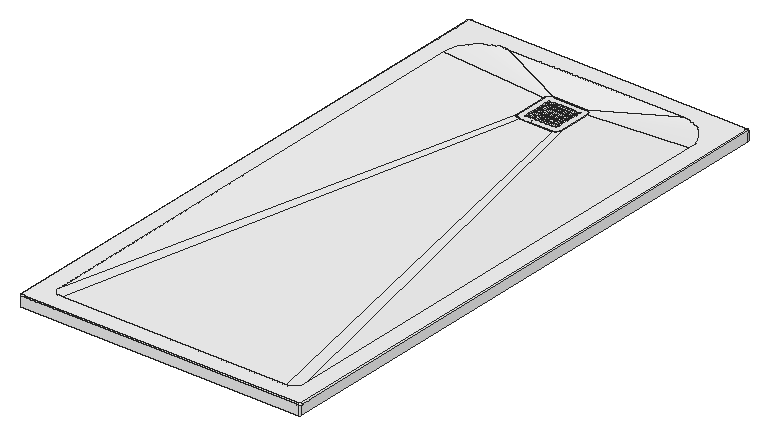
Revit family "IS_UltraFlatS_K8276_BIM_DE", category Plumbing Fixtures, host Face, Revit 2016
Family settings
  Host = Face
  Part Type = Normal
  Round Connector Dimension = Use Diameter
  OmniClass Number = 23.45.05.14.21.11
  OmniClass Title = Bath/Shower Units
  Cut with Voids When Loaded = No
  Shared = No
  Room Calculation Point = No
Parameters (values of type "K8276FR - ULTRAFLAT S PD 160X80 BIANCO")
  WarrantyStartDate = "n/a"
  WarrantyGuarantorParts = "n/a"
  WarrantyGuarantorLabor = "n/a"
  WarrantyDurationUnit = "n/a"
  WarrantyDurationParts = "n/a"
  WarrantyDurationLabor = "n/a"
  WarrantyDescription = "n/a"
  WFU = 0
  VolumeUnits = "Litres"
  Version = "1"
  Uniclass2015Version = "Products v1.1"
  Uniclass2015Title = "Shower trays"
  Uniclass2015Code = "Pr_40_20_06_84"
  URL = "www.idealstandard.de"
  Type Comments = "n/a"
  TagNumber = "n/a"
  SustainabilityPerformance = "n/a"
  Space = "Internal"
  Size = "800 x 1600 x 30 mm"
  Shape = "Rectangular"
  SerialNumber = "n/a"
  ReplacementCost = "n/a"
  ProductInformation = "www.idealstandard.de"
  PredefinedType = "n/a"
  Phone = "+49228 5210"
  NominalWidth = 800 mm
  NominalLength = 1600 mm
  NominalHeight = 30 mm
  NominalDepth = 0 mm
  Name = "ISI_IdealStandard_Showers_Ultra Flat S_K8276FR"
  ModelReference = "IS Rechteck-Brausewanne ULTRA FLAT S, 1600x800x30mm, Carraraweiß"
  ModelNumber = "K8276FR"
  Model = "K8276FR"
  Material = "Sanitary Brass"
  ManufacturerURL = "www.idealstandard.de"
  Manufacturer = "idealstandard.de@idealstandard.com"
  MainMaterial = IS_RenderMaterial_White
  LinearUnits = "millimeters"
  Keynote = ""
  InstallationInstructions = "www.idealstandard.de\\produkte"
  InstallationDate = "1900-12-31T23:59:59"
  Help = "idealstandard.de@idealstandard.com"
  HWFU = 0
  GrossWeight = "46,1 kg"
  Grade = "n/a"
  Finish = "Pure White"
  Features = "ULTRA FLAT S rectangular shower tray 1600x800mm"
  ExpectedLife = "25"
  DurationUnit = "year"
  DistributedBy = "n/a"
  Description = "Ultraflat S Pd 160 x 80 Bianco"
  Default Elevation = 0 mm
  CurrencyUnit = "€"
  CreatedOn = "42774"
  Cost = 0
  Constituents = "n/a"
  ConnectionType = "Plumbing"
  Color = "Pure White"
  CodePerformance = "0"
  CWFU = 0
  Brand = "Ideal Standard"
  BarCode = "4015413067737"
  BIMObjectName = "ISI_IdealStandard_Showers_Ultra Flat S_K8276FR"
  Author = "Ideal Standard"
  AssetType = "Fixed"
  AssetIdentifier = "n/a"
  Assembly Code = "C1030200"
  AreaUnits = "millimeters"
  AreaMeasurement = "n/a"
  Accessories = "www.idealstandard.de\\ersatzteile"
  AccessibilityPerformance = "n/a"
Types (5, lengths in mm): name | Name | ModelReference | ModelNumber | Model | MainMaterial | Finish | Description | Color | BarCode | BIMObjectName
  K8276FR - ULTRAFLAT S PD 160X80 BIANCO | "ISI_IdealStandard_Showers_Ultra Flat S_K8276FR" | "IS Rechteck-Brausewanne ULTRA FLAT S, 1600x800x30mm, Carraraweiß" | "K8276FR" | "K8276FR" | IS_RenderMaterial_White | "Pure White" | "Ultraflat S Pd 160 x 80 Bianco" | "Pure White" | "4015413067737" | "ISI_IdealStandard_Showers_Ultra Flat S_K8276FR"
  K8276FV - ULTRAFLAT S PD 160X80 NERO | "ISI_IdealStandard_Showers_Ultra Flat S_K8276FV" | "IS Rechteck-Brausewanne ULTRA FLAT S, 1600x800x30mm, Schiefer" | "K8276FV" | "K8276FV" | IS_RenderMaterial_Black | "Jet Black" | "Ultraflat S Pd 160 x 80 Nero" | "Jet Black" | "4015413071833" | "ISI_IdealStandard_Showers_Ultra Flat S_K8276FV"
  K8276FT - ULTRAFLAT S PD 160X80 SABBIA | "ISI_IdealStandard_Showers_Ultra Flat S_K8276FT" | "IS Rechteck-Brausewanne ULTRA FLAT S, 1600x800x30mm, Sandstein" | "K8276FT" | "K8276FT" | IS_RenderMaterial_Sand | "Beach Sand" | "Ultraflat S Pd 160 x 80 Sabbia" | "Beach Sand" | "4015413071116" | "ISI_IdealStandard_Showers_Ultra Flat S_K8276FT"
  K8276FS - ULTRAFLAT S PD 160X80 GRIGIO CEMENTO | "ISI_IdealStandard_Showers_Ultra Flat S_K8276FS" | "IS Rechteck-Brausewanne ULTRA FLAT S, 1600x800x30mm, Quarzgrau" | "K8276FS" | "K8276FS" | IS_RenderMaterial_Grey | "Concrete Grey" | "Ultraflat S Pd 160 x 80 Grigio Cemento" | "Concrete Grey" | "4015413070713" | "ISI_IdealStandard_Showers_Ultra Flat S_K8276FS"
  K8276FU - ULTRAFLAT S PD 160X80 MOKA | "ISI_IdealStandard_Showers_Ultra Flat S_K8276FU" | "IS Rechteck-Brausewanne ULTRA FLAT S, 1600x800x30mm, Lavabraun" | "K8276FU" | "K8276FU" | IS_RenderMaterial_Moka | "Deep Moka" | "Ultraflat S Pd 160 x 80 Moka" | "Deep Moka" | "4015413071512" | "ISI_IdealStandard_Showers_Ultra Flat S_K8276FU"
Reference planes
  plane 1 "Center (Front/Back)": y = 0
  plane 2: z = 0
  plane 3 "Center (Left/Right)": x = 0
  plane 4: x = -400
  plane 5: x = 400
  plane 6: y = -1600
  plane 7: y = -1550
  plane 8: z = 30
Forms (mm)
  Extrusion 1, solid, material "IS_RenderMaterial_White" <- "MainMaterial"
    sketch origin (0, 0, 0) x (1, 0, 0) y (0, 1, 0)
      loop
        arc (-395, 0) -> (-398.536, -1.464) -> (-400, -5) r 5
        line (-400, -5) -> (-400, -1595)
        arc (-400, -1595) -> (-398.536, -1598.536) -> (-395, -1600) r 5
        line (-395, -1600) -> (395, -1600)
        arc (395, -1600) -> (398.536, -1598.536) -> (400, -1595) r 5
        line (400, -1595) -> (400, -5)
        arc (400, -5) -> (398.536, -1.464) -> (395, 0) r 5
        line (395, 0) -> (-395, 0)
    from 0 to 30
  Blend 2, void
    base sketch origin (0, 39.744, 30) x (-1, 0, 0) y (0, -1, 0)
      loop
        arc (250, 89.744) -> (320.711, 119.033) -> (350, 189.744) r 100
        line (350, 189.744) -> (350, 1559.744)
        arc (350, 1559.744) -> (341.213, 1580.957) -> (320, 1589.744) r 30
        line (320, 1589.744) -> (-320, 1589.744)
        arc (-320, 1589.744) -> (-341.213, 1580.957) -> (-350, 1559.744) r 30
        line (-350, 1559.744) -> (-350, 189.744)
        arc (-350, 189.744) -> (-320.711, 119.033) -> (-250, 89.744) r 100
        line (-250, 89.744) -> (250, 89.744)
    top sketch origin (0, 39.744, 30) x (-1, 0, 0) y (0, -1, 0)
      loop
        arc (47.5, 177.244) -> (58.107, 181.637) -> (62.5, 192.244) r 15
        line (62.5, 192.244) -> (62.5, 287.244)
        arc (62.5, 287.244) -> (58.107, 297.85) -> (47.5, 302.244) r 15
        line (47.5, 302.244) -> (-47.5, 302.244)
        arc (-47.5, 302.244) -> (-58.107, 297.85) -> (-62.5, 287.244) r 15
        line (-62.5, 287.244) -> (-62.5, 192.244)
        arc (-62.5, 192.244) -> (-58.107, 181.637) -> (-47.5, 177.244) r 15
        line (-47.5, 177.244) -> (47.5, 177.244)
    from 0 to -15
  Revolve 3, void
    sketch origin (-65.411, -200, 1219.2) x (-1, 0, 0) y (0, 0, 1)
      loop
        line (-65.411, -1219.2) -> (-20.411, -1219.2) -> (-20.411, -1214.2) -> (-13.411, -1207.2) -> (-65.411, -1207.2) -> (-65.411, -1219.2)
      axis (-65.411, -1219.2) -> (-65.411, -1207.2)
    angle from 0 to 360
  Extrusion 4, void
    sketch origin (0, -134.515, 12) x (-1, 0, 0) y (0, 1, 0)
      loop
        arc (-47.5, -2.985) -> (-58.107, -7.379) -> (-62.5, -17.985) r 15
        line (-62.5, -17.985) -> (-62.5, -112.985)
        arc (-62.5, -112.985) -> (-58.107, -123.592) -> (-47.5, -127.985) r 15
        line (-47.5, -127.985) -> (47.5, -127.985)
        arc (47.5, -127.985) -> (58.107, -123.592) -> (62.5, -112.985) r 15
        line (62.5, -112.985) -> (62.5, -17.985)
        arc (62.5, -17.985) -> (58.107, -7.379) -> (47.5, -2.985) r 15
        line (47.5, -2.985) -> (-47.5, -2.985)
    from 0 to -3
  Extrusion 5, solid, material "Chrome - Polished"
    sketch origin (0, -134.515, 12) x (0, 1, 0) y (-1, 0, 0)
      loop
        arc (-4.985, 46.539) -> (-9.074, 56.411) -> (-18.946, 60.5) r 13.961
        line (-18.946, 60.5) -> (-111.985, 60.5)
        arc (-111.985, 60.5) -> (-121.885, 56.399) -> (-125.985, 46.5) r 14
        line (-125.985, 46.5) -> (-125.985, -46.5)
        arc (-125.985, -46.5) -> (-121.885, -56.399) -> (-111.985, -60.5) r 14
        line (-111.985, -60.5) -> (-18.985, -60.5)
        arc (-18.985, -60.5) -> (-9.086, -56.399) -> (-4.985, -46.5) r 14
        line (-4.985, -46.5) -> (-4.985, 46.539)
      loop
        line (-64.007, 45) -> (-64.007, 32) -> (-52.007, 32) -> (-52.007, 45) -> (-64.007, 45)
      loop
        line (-49.007, 45) -> (-49.007, 32) -> (-37.007, 32) -> (-37.007, 45) -> (-49.007, 45)
      loop
        line (-34.007, 45) -> (-34.007, 32) -> (-22.007, 32) -> (-22.007, 45) -> (-34.007, 45)
      loop
        line (-34.007, 29) -> (-34.007, 16) -> (-22.007, 16) -> (-22.007, 29) -> (-34.007, 29)
      loop
        line (-34.007, 13) -> (-34.007, 1.526) -> (-22.007, 1.526) -> (-22.007, 13) -> (-34.007, 13)
      loop
        line (-37.007, 29) -> (-49.007, 29) -> (-49.007, 16) -> (-37.007, 16) -> (-37.007, 29)
      loop
        line (-37.007, 13) -> (-49.007, 13) -> (-49.007, 1.526) -> (-37.007, 1.526) -> (-37.007, 13)
      loop
        line (-52.007, 29) -> (-64.007, 29) -> (-64.007, 16) -> (-52.007, 16) -> (-52.007, 29)
      loop
        line (-52.007, 13) -> (-64.007, 13) -> (-64.007, 1.526) -> (-52.007, 1.526) -> (-52.007, 13)
      loop
        line (-64.007, -45) -> (-52.007, -45) -> (-52.007, -32) -> (-64.007, -32) -> (-64.007, -45)
      loop
        line (-49.007, -45) -> (-37.007, -45) -> (-37.007, -32) -> (-49.007, -32) -> (-49.007, -45)
      loop
        line (-34.007, -45) -> (-22.007, -45) -> (-22.007, -32) -> (-34.007, -32) -> (-34.007, -45)
      loop
        line (-34.007, -29) -> (-22.007, -29) -> (-22.007, -16) -> (-34.007, -16) -> (-34.007, -29)
      loop
        line (-34.007, -13) -> (-22.007, -13) -> (-22.007, -1.526) -> (-34.007, -1.526) -> (-34.007, -13)
      loop
        line (-37.007, -29) -> (-37.007, -16) -> (-49.007, -16) -> (-49.007, -29) -> (-37.007, -29)
      loop
        line (-37.007, -13) -> (-37.007, -1.526) -> (-49.007, -1.526) -> (-49.007, -13) -> (-37.007, -13)
      loop
        line (-52.007, -29) -> (-52.007, -16) -> (-64.007, -16) -> (-64.007, -29) -> (-52.007, -29)
      loop
        line (-52.007, -13) -> (-52.007, -1.526) -> (-64.007, -1.526) -> (-64.007, -13) -> (-52.007, -13)
      loop
        line (-66.963, 45) -> (-78.963, 45) -> (-78.963, 32) -> (-66.963, 32) -> (-66.963, 45)
      loop
        line (-81.963, 45) -> (-93.963, 45) -> (-93.963, 32) -> (-81.963, 32) -> (-81.963, 45)
      loop
        line (-96.963, 45) -> (-108.963, 45) -> (-108.963, 32) -> (-96.963, 32) -> (-96.963, 45)
      loop
        line (-96.963, 29) -> (-108.963, 29) -> (-108.963, 16) -> (-96.963, 16) -> (-96.963, 29)
      loop
        line (-96.963, 13) -> (-108.963, 13) -> (-108.963, 1.526) -> (-96.963, 1.526) -> (-96.963, 13)
      loop
        line (-93.963, 29) -> (-93.963, 16) -> (-81.963, 16) -> (-81.963, 29) -> (-93.963, 29)
      loop
        line (-93.963, 13) -> (-93.963, 1.526) -> (-81.963, 1.526) -> (-81.963, 13) -> (-93.963, 13)
      loop
        line (-78.963, 29) -> (-78.963, 16) -> (-66.963, 16) -> (-66.963, 29) -> (-78.963, 29)
      loop
        line (-78.963, 13) -> (-78.963, 1.526) -> (-66.963, 1.526) -> (-66.963, 13) -> (-78.963, 13)
      loop
        line (-66.963, -45) -> (-66.963, -32) -> (-78.963, -32) -> (-78.963, -45) -> (-66.963, -45)
      loop
        line (-81.963, -45) -> (-81.963, -32) -> (-93.963, -32) -> (-93.963, -45) -> (-81.963, -45)
      loop
        line (-96.963, -45) -> (-96.963, -32) -> (-108.963, -32) -> (-108.963, -45) -> (-96.963, -45)
      loop
        line (-96.963, -29) -> (-96.963, -16) -> (-108.963, -16) -> (-108.963, -29) -> (-96.963, -29)
      loop
        line (-96.963, -13) -> (-96.963, -1.526) -> (-108.963, -1.526) -> (-108.963, -13) -> (-96.963, -13)
      loop
        line (-93.963, -29) -> (-81.963, -29) -> (-81.963, -16) -> (-93.963, -16) -> (-93.963, -29)
      loop
        line (-93.963, -13) -> (-81.963, -13) -> (-81.963, -1.526) -> (-93.963, -1.526) -> (-93.963, -13)
      loop
        line (-78.963, -29) -> (-66.963, -29) -> (-66.963, -16) -> (-78.963, -16) -> (-78.963, -29)
      loop
        line (-78.963, -13) -> (-66.963, -13) -> (-66.963, -1.526) -> (-78.963, -1.526) -> (-78.963, -13)
    from 0 to 3
  Sweep 6, void
    path in 3D
      loop
        arc (395, -1600, 30) -> (398.536, -1598.536, 30) -> (400, -1595, 30) r 5
        line (400, -1595, 30) -> (400, -5, 30)
        arc (400, -5, 30) -> (398.536, -1.464, 30) -> (395, 0, 30) r 5
        line (395, 0, 30) -> (-395, 0, 30)
        arc (-395, 0, 30) -> (-398.536, -1.464, 30) -> (-400, -5, 30) r 5
        line (-400, -5, 30) -> (-400, -1595, 30)
        arc (-400, -1595, 30) -> (-398.536, -1598.536, 30) -> (-395, -1600, 30) r 5
        line (-395, -1600, 30) -> (395, -1600, 30)
    profile origin (0, -1600, 30) x (0, 1, 0) y (0, 0, 1)
      loop
        line (0, 0) -> (0, -3)
        arc (0, -3) -> (0.879, -0.879) -> (3, 0) r 3
        line (3, 0) -> (0, 0)
Cuts and joins
  Blend 2, Revolve 3, Extrusion 4, Sweep 6 cuts Extrusion 1
  Blend 2 cuts Extrusion 5
Lines and regions (mm)
  sketch lines
    curve 1: line (-395, -1600, 30) -> (395, -1600, 30)
    curve 2: arc (400, -1595, 30) -> (398.536, -1598.536, 30) -> (395, -1600, 30) r 5
    curve 3: line (400, -1595, 30) -> (400, -5, 30)
    curve 4: arc (-395, -1600, 30) -> (-398.536, -1598.536, 30) -> (-400, -1595, 30) r 5
    curve 5: line (-400, -5, 30) -> (-400, -1595, 30)
    curve 6: arc (-400, -5, 30) -> (-398.536, -1.464, 30) -> (-395, 0, 30) r 5
    curve 7: line (395, 0, 30) -> (-395, 0, 30)
    curve 8: arc (395, 0, 30) -> (398.536, -1.464, 30) -> (400, -5, 30) r 5
Dimensions and locks
  "NominalHeight": level to plane 8
  "NominalWidth": plane 4 to plane 5
  "NominalLength": plane 1 "Center (Front/Back)" to plane 6
  aligned and locked: plane 2 to host face
  aligned and locked: level to host face
Automatic sketch dimensions
  host sketch curve to host sketch curve = 2438.4 mm
  host sketch curve to host sketch curve = 2615.397 mm
  Extrusion 1 sketch curve to plane 4 = 0 mm
  Extrusion 1 sketch curve to plane 6 = 0 mm
  plane 1 "Center (Front/Back)" to Extrusion 1 sketch curve = 0 mm
  Extrusion 1 sketch curve to plane 5 = 0 mm
  Extrusion 1 sketch curve to plane 4 = 5 mm
  Extrusion 1 sketch curve to Extrusion 1 sketch curve = 5 mm
  plane 5 to Extrusion 1 sketch curve = 5 mm  (x2)
  plane 7 to Blend 2 sketch curve = 0 mm
  plane 7 to Blend 2 sketch curve = 30 mm  (x2)
  plane 5 to Blend 2 sketch curve = 50 mm
  Blend 2 sketch curve to Blend 2 sketch curve = 100 mm
  Blend 2 sketch curve to plane 4 = 150 mm
  Blend 2 sketch curve to plane 4 = 80 mm
  plane 1 "Center (Front/Back)" to Blend 2 sketch curve = 150 mm
  plane 3 "Center (Left/Right)" to Blend 2 sketch curve = 62.5 mm
  Blend 2 sketch curve to Blend 2 sketch curve = 15 mm  (x3)
  Blend 2 sketch curve to plane 3 "Center (Left/Right)" = 47.5 mm  (x2)
  plane 1 "Center (Front/Back)" to Blend 2 sketch curve = 137.5 mm
  Blend 2 sketch curve to Blend 2 sketch curve = 95 mm
  Revolve 3 sketch curve to level = 0 mm
  Revolve 3 sketch curve to plane 3 "Center (Left/Right)" = 0 mm  (x2)
  level to Revolve 3 sketch curve = 5 mm
  Revolve 3 sketch curve to plane 3 "Center (Left/Right)" = 45 mm
  Revolve 3 sketch curve to Revolve 3 sketch curve = 7 mm
  Revolve 3 sketch curve to Revolve 3 sketch curve = 12 mm
  Revolve 3 sketch curve to level = 10 mm
  plane 8 to Revolve 3 sketch curve = 7.813 mm
  plane 3 "Center (Left/Right)" to Extrusion 4 sketch curve = 62.5 mm
  Extrusion 4 sketch curve to Extrusion 4 sketch curve = 15 mm  (x3)
  Extrusion 4 sketch curve to plane 3 "Center (Left/Right)" = 47.5 mm  (x2)
  plane 1 "Center (Front/Back)" to Extrusion 4 sketch curve = 137.5 mm
  Extrusion 4 sketch curve to Extrusion 4 sketch curve = 95 mm
  plane 3 "Center (Left/Right)" to Extrusion 5 sketch curve = 46.5 mm
  plane 1 "Center (Front/Back)" to Extrusion 5 sketch curve = 260.5 mm
  Extrusion 5 sketch curve to Extrusion 5 sketch curve = 14 mm  (x3)
  Extrusion 5 sketch curve to Extrusion 5 sketch curve = 3.022 mm  (x3)
  Extrusion 5 sketch curve to Extrusion 5 sketch curve = 0 mm  (x56)
  plane 3 "Center (Left/Right)" to Extrusion 5 sketch curve = 1.526 mm  (x6)
  Extrusion 5 sketch curve to Extrusion 5 sketch curve = 12 mm  (x18)
  Extrusion 5 sketch curve to Extrusion 5 sketch curve = 3 mm  (x37)
  Extrusion 5 sketch curve to Extrusion 5 sketch curve = 2.956 mm  (x6)
  Extrusion 5 sketch curve to Extrusion 5 sketch curve = 3.061 mm
  Extrusion 5 sketch curve to Extrusion 5 sketch curve = 1.5 mm  (x3)
  Extrusion 5 sketch curve to Extrusion 5 sketch curve = 13 mm  (x9)
  Extrusion 5 sketch curve to plane 3 "Center (Left/Right)" = 1.526 mm  (x6)
  Extrusion 5 sketch curve to Extrusion 5 sketch curve = 11.474 mm  (x2)
  Sweep 6 sketch curve to profile plane = 0 mm  (x2)
  Sweep 6 sketch curve to Sweep 6 sketch curve = 3 mm
Connectors
  piping at (0, -200, 0), diameter 90
    settings: on cut or joined group of Extrusion 1, Blend 2, Revolve 3, Extrusion 4, Sweep 6, index 1, connector inside diameter 609.6 mm, connector length 0 mm, flow factor 0, pipe flow 0.0 L/s, pressure drop 0.0 Pa, fitting loss kfactor 0, connector angle 0.00°, fixture units 0, engagement length 0 mm, angle of deflection 0.00°, flow configuration 2, flow direction 2, fitting loss method 0, system type 16, joint type 0, gender type 0, connector reference index -1, connector utility 0, adjustable connector no, is connector primary yes, connector description ""
